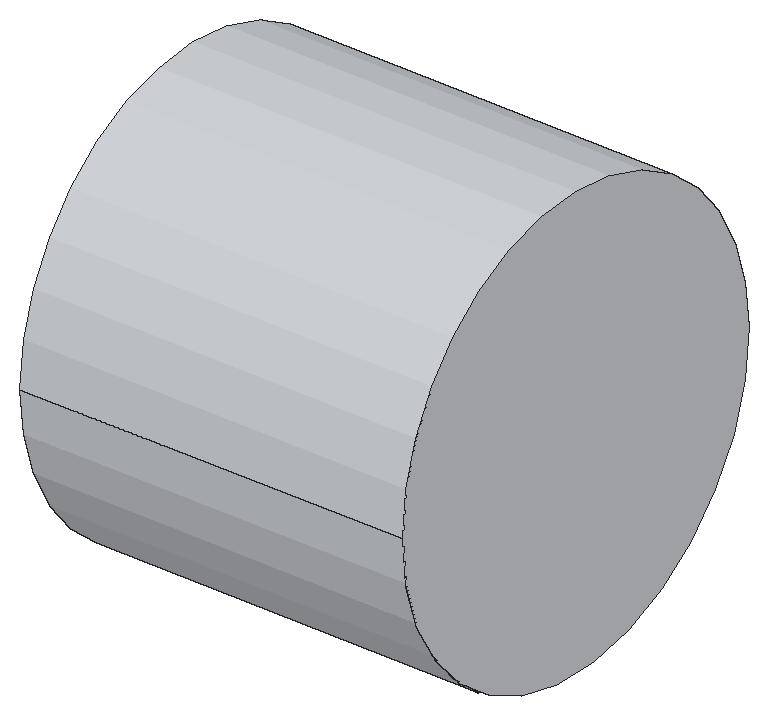
Revit family "Tampa - Envelope - PPR", category Conexões de tubo, Revit 2019
Family settings
  Cota do conector redondo = Usar raio
  Tipo de parte = Cobertura
  Com base no plano de trabalho = Não
  Sempre na vertical = Sim
  Corte com vazios quando carregada = Não
  Compartilhado = Não
Parameters (values of type "Padrão")
  Raio nominal [instance] = 10 mm
  Diâmetro nominal [instance] = Raio nominal * 2  # 20 mm
  Método de perda = Não definido
  Nome da tabela de pesquisa = "BR_Cap - Slip - PPR"
  Altura [instance] = size_lookup(Nome da tabela de pesquisa, "Hgt", 0.54 * Diâmetro nominal + 15.8 mm, Diâmetro nominal)  # 26.5 mm
  K Coefficient Table = (empty or 0)
  Raio externo da conexão [instance] = Diâmetro externo da conexão / 2  # 15 mm
  Diâmetro externo da conexão [instance] = size_lookup(Nome da tabela de pesquisa, "FOD", 1.39 * Diâmetro nominal - 0.2 mm, Diâmetro nominal)  # 30 mm
Reference planes
  plane 1 "Centro (frente/trás)": y = 0
  plane 2: z = 0
  plane 3 "Centro (direita/esquerda)": x = 0
  plane 4: x = 26.5
  plane 5: y = 15
  plane 6: y = -15
Forms (mm)
  Extrusion 1, solid, detail levels fine
    sketch origin (0, 0, 0) x (0, 1, 0) y (0, 0, 1)
      loop
        circle (0, 0) r 15
    from 0 to 26.5
Lines and regions (mm)
  model lines, detail levels coarse+medium
    curve 1: line (0, 15, 0) -> (26.5, 15, 0)
    curve 2: line (0, -15, 0) -> (26.5, -15, 0)
    curve 3: line (26.5, 15, 0) -> (26.5, -15, 0)
Dimensions and locks
  "Altura": plane 3 "Centro (direita/esquerda)" to plane 4
  "Raio externo da conexão": plane 5 to plane 1 "Centro (frente/trás)"
  "Raio externo da conexão": plane 1 "Centro (frente/trás)" to plane 6
  "Raio externo da conexão": radius of Extrusion 1 sketch curve
  aligned and locked: plane 1 "Centro (frente/trás)" to Extrusion 1 sketch curve
  aligned and locked: plane 2 to Extrusion 1 sketch curve
  aligned and locked: Extrusion 1 to plane 3 "Centro (direita/esquerda)"
  aligned and locked: plane 4 to Extrusion 1
  aligned and locked: plane 3 "Centro (direita/esquerda)" to curve 1
  aligned and locked: plane 3 "Centro (direita/esquerda)" to curve 2
  aligned and locked: plane 4 to curve 2
  aligned and locked: curve 2 to plane 6
  aligned and locked: curve 1 to plane 5
  aligned and locked: plane 6 to curve 3
  aligned and locked: plane 5 to curve 3
  aligned and locked: curve 3 to plane 4
Connectors
  piping at (0, 0, 0), diameter 20, driven by "Raio nominal"
    settings: on Extrusion 1, index 1, connector inside diameter 20 mm, connector length 0 mm, flow factor 0, pipe flow 0.0 L/s, pressure drop 0.0 Pa, fitting loss kfactor 0, connector angle 0.00°, fixture units 0, engagement length 0 mm, angle of deflection 0.00°, flow configuration 0, flow direction 0, fitting loss method 0, system type 28, joint type 0, gender type 0, connector reference index -1, connector utility 0, adjustable connector no, is connector primary yes, connector description ""
